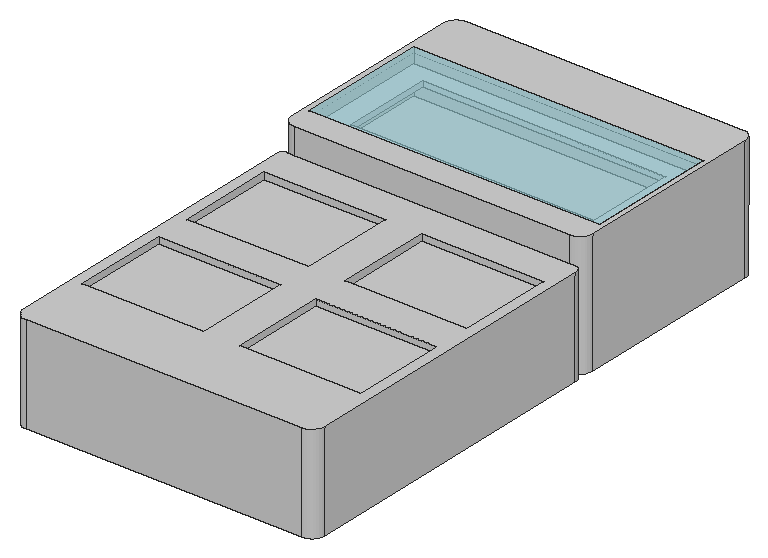
Revit family "Building-QuadriIEC309-GEWISS-68QDIN-QUADRI-PRESE-10MOD_4PRESE", category Apparecchi elettrici, host Superficie, Revit 2019
Family settings
  Host = Superficie
  Mantenere orientamento annotazione = Sì
  Quota connettore circolare = Usa diametro
  Tipo di parte = Normale
  Taglio con vuoti quando caricato = No
  Condiviso = No
  Punto di calcolo locali = Sì
Parameters (values of type "GW68003N - Q-DIN 10M 4FLANGE PR.16/32A IP65")
  visibilita posizionamento 2d [instance] = yes
  simbolo 2d [instance] = yes
  oggetto in pianta [instance] = not(visibilita posizionamento 2d)  # no
  distanza_simbolo [instance] = 0.1 mm
  bordo acceso [instance] = yes
  Visibilità sportello [instance] = yes
  Versione file RFA = "21.5"
  VETRO = Vetro
  URL = "https://www.gewiss.com/it/it"
  Tipologia di installazione = "Da parete"
  Tipo versione = "Vuoto"
  Termopressione con biglia = "70 °C"
  Temperatura di utilizzo = "-25 +40 °C"
  Spostamento_effettivo_S [instance] = 4000 mm - Spostamento_S  # 3000 mm
  Spostamento_S = 1000 mm
  Simbolo_quadro [instance] = not(simbolo 2d)  # no
  Scheda Tecnica = "https://www.gewiss.com/it/it/search?q=GW68003N"
  STRUTTURA ALTA = Poche
  STRUTTURA = RAL - 7035
  SEO = "Quadretto"
  Resistenza agli urti = "IK08"
  Default Elevation = 1219.2 mm
  Produttore = "GEWISS S.p.A."
  Potenza dissipabile B (W) = "42"
  Potenza dissipabile A (W) = "16"
  PRESA = rosso
  POMELLO = bianco
  N_Moduli = 10 mm
  N. prese alloggiabili = "2 IEC 16 A + 2 IEC 16/32 A"
  N. mod. EN 50022 = "10"
  N. coperchi ciechi in dotazione = "1 IEC 309 16 A +1 16/32 A"
  Modello = "GW68003N"
  L_Moduli = N_Moduli * 19  # 190 mm
  Immagine tipo = GW68003N.jpg
  IDT = "5c934acf-8a0f-4a84-b3af-3ec691fdcb62"
  IDF = "201a4aed-53d6-42a7-aa38-4b2429c19433"
  Grado di protezione = "IP65"
  Glow Wire Test = "650°C"
  Descrizione = "Q-DIN 10M 4FLANGE PR.16/32A IP65"
  Creato da GEWISS S.p.A. = ""
  ConformitÃ  normativa = "EN 60208 - EN 60670-1 - IEC 60670-24"
  Colore = "Grigio RAL 7035"
  Codice Electrocod = "2242"
  Codice EAN = "8011564744745"
  Classe isolamento = "II"
  Catalogo Serie = "68 QDIN"
  Catalogo = "BUILDING"
  COBie.Tagnumber = ""
  COBie.CreatedOn = ""
  COBie.CreatebBy = ""
  COBie.ComponentRegisterItemID = ""
  COBie.Component.TagNumber = ""
  COBie.Component.Space = ""
  COBie.Component.SerialNumber = ""
  COBie.Component.InstallationDate = ""
  COBie.Component.Description = ""
  COBie.Component.BarCode = ""
Reference planes
  plane 1 "Centro (Fronte/Retro)": y = 0
  plane 2: z = 0
  plane 3 "Centro (Sinistra/Destra)": x = 0
  plane 4: x = -3000
  plane 5: x = 0
Forms (mm)
  Extrusion 1, solid, material "RAL - 7035" <- "STRUTTURA", detail levels coarse
    sketch origin (0, 0, 0) x (0, 1, 0) y (0, 0, 1)
      loop
        line (0, 96) -> (0, 0) -> (429, 0) -> (429, 96) -> (0, 96)
    from -117.5 to 117.5
Lines and regions (mm)
  Masking region 1, visible <- "visibilita posizionamento 2d"
    outline origin (0, 0, 0) x (1, 0, 0) y (0, 0, 1)
      loop
        line (-117.5, 0) -> (117.5, 0) -> (117.5, 96) -> (-117.5, 96) -> (-117.5, 0)
Dimensions and locks
  plane 4 to plane 3 "Centro (Sinistra/Destra)" = 3000 mm
  "Spostamento_effettivo_S": plane 4 to plane 5
  aligned and locked: plane 2 to host face
  aligned and locked: level to host face
  aligned and locked: nested 1 to plane 5
  aligned and locked: nested 3 to plane 5
  aligned and locked: Extrusion 1 sketch curve to nested 2
  aligned and locked: nested 2 to plane 5
  aligned and locked: Extrusion 1 to nested 2  (x2)
Automatic sketch dimensions
  host sketch curve to host sketch curve = 2438.4 mm  (x2)
  Extrusion 1 sketch curve to level = 0 mm
  Extrusion 1 sketch curve to plane 1 "Centro (Fronte/Retro)" = 0 mm
  Extrusion 1 sketch curve to plane 1 "Centro (Fronte/Retro)" = 429 mm
  Masking region 1 sketch curve to level = 0 mm
  Masking region 1 sketch curve to plane 3 "Centro (Sinistra/Destra)" = 117.5 mm
  plane 3 "Centro (Sinistra/Destra)" to Masking region 1 sketch curve = 117.5 mm
  Masking region 1 sketch curve to Masking region 1 sketch curve = 96 mm
Nested families
  nested 1: "CENTRALINO" at (0, 737.795, 0), BORDO ACCESO <- "bordo acceso", SIMBOLO ACCESO <- "simbolo 2d", Distanza dal muro <- "distanza_simbolo", visible <- "simbolo 2d", type "CENTRALINO"
    with SIMBOLO ACCESO yes, Distanza dal muro 0.1 mm, BORDO ACCESO yes
  nested 2: "base____68QDIN10 QUADRO DISTRIBUZ X 4 PRESE IND" at (0, 266, 0), Visibilita sportello <- "Visibilità sportello", type "base____68QDIN10 QUADRO DISTRIBUZ X 4 PRESE IND", detail levels medium+fine
  nested 3: "simb_CENTRALINO_BASE_cad pro" at (0, 737.795, 0), Distanza dal muro <- "distanza_simbolo", visible <- "Simbolo_quadro", SIMBOLO ACCESO <- "Simbolo_quadro", type "simb_CENTRALINO_BASE_cad pro"
    with SIMBOLO ACCESO no, Distanza dal muro 0.1 mm, BORDO ACCESO yes
Definition of nested family "base____68QDIN10 QUADRO DISTRIBUZ X 4 PRESE IND"
  Parameters (values of type "base____68QDIN10 QUADRO DISTRIBUZ X 4 PRESE IND")
    n_moduli = 105 mm
    h_moduli = 70 mm
    Visibilita sportello [instance] = yes
    Vetro = none
    Struttura = none
    Spessore = 96 mm
    Default Elevation = 14 mm
    Presa = none
    Larghezza = 235 mm
    IFC.TypeObject = ""
    IFC.ExportType = ""
    IFC.ExportAs = ""
    H_da terra = 589.057 mm
    COBie.CreatedOn = ""
    COBie.CreatebBy = ""
    COBie.ComponentRegisterItemID = ""
    COBie.Component.TagNumber = ""
    COBie.Component.Space = ""
    COBie.Component.SerialNumber = ""
    COBie.Component.InstallationDate = ""
    COBie.Component.Description = ""
    COBie.Component.BarCode = ""
    Altezza scatole = 350 mm
    Altezza quadro = 150 mm
    Altezza = 258 mm
  Reference planes
    plane 1 "Centro (Fronte/Retro)": y = 0
    plane 2: z = 0
    plane 3 "Centro (Sinistra/Destra)": x = 0
    plane 4: z = 62.089
    plane 5: z = 103.126
    plane 6: z = 76.196
    plane 7: x = -117.5
    plane 8: x = 117.5
    plane 9: x = -113.5
    plane 10: x = 113.5
    plane 11: y = 123.21
    plane 12: y = 21.246
    plane 13: y = 0
    plane 14: y = -242.621
    plane 15: y = -28
    plane 16: y = -262
    plane 17: y = 168
    plane 18: z = 71.196
    plane 19: y = 109
    plane 20: y = 39
    plane 21: x = -52.5
    plane 22: x = 52.5
    plane 23: z = 92.059
    plane 24: z = 96
    plane 25 "posizionamento moduli": z = 84.734
    plane 26: z = 80.558
    plane 27: y = 74
    plane 28: x = -109.15
    plane 29: x = 109.15
    plane 30: x = -14
    plane 31 "14": x = 14
    plane 32: y = -103
    plane 33: y = -131
    plane 34: y = -206
  Forms (mm)
    Extrusion 1, solid, material <- "Struttura"
      sketch origin (0, -857.311, 0) x (1, 0, 0) y (0, 1, 0)
        loop
          arc (-107.5, 1025.311) -> (-114.571, 1022.382) -> (-117.5, 1015.311) r 10
          line (-117.5, 1015.311) -> (-117.5, 867.311)
          arc (-117.5, 867.311) -> (-114.571, 860.24) -> (-107.5, 857.311) r 10
          line (-107.5, 857.311) -> (107.5, 857.311)
          arc (107.5, 857.311) -> (114.571, 860.24) -> (117.5, 867.311) r 10
          line (117.5, 867.311) -> (117.5, 1015.311)
          arc (117.5, 1015.311) -> (114.571, 1022.382) -> (107.5, 1025.311) r 10
          line (107.5, 1025.311) -> (-107.5, 1025.311)
      from 0 to 96
    Extrusion 2, solid, material <- "Struttura"
      sketch origin (0, -857.311, 0) x (1, 0, 0) y (0, 1, 0)
        loop
          line (109.95, 857.311) -> (-113.88, 857.311)
          arc (-113.88, 857.311) -> (-116.44, 856.251) -> (-117.5, 853.691) r 3.62
          line (-117.5, 853.691) -> (-117.5, 605.311)
          arc (-117.5, 605.311) -> (-114.571, 598.24) -> (-107.5, 595.311) r 10
          line (-107.5, 595.311) -> (107.5, 595.311)
          arc (107.5, 595.311) -> (114.571, 598.24) -> (117.5, 605.311) r 10
          line (117.5, 605.311) -> (117.5, 849.76)
          arc (117.5, 849.76) -> (115.289, 855.099) -> (109.95, 857.311) r 7.55
      from 0 to 76.196
    Extrusion 3, void
      sketch origin (0, -857.311, 0) x (1, 0, 0) y (0, 1, 0)
        loop
          line (-113.5, 980.52) -> (-113.5, 878.557) -> (113.5, 878.557) -> (113.5, 980.52) -> (-113.5, 980.52)
      from 62.089 to 96
    Extrusion 4, solid, material <- "Vetro", visible <- "Visibilita sportello", detail levels fine
      sketch origin (0, -857.311, 0) x (1, 0, 0) y (0, 1, 0)
        loop
          line (-113.5, 980.52) -> (-113.5, 878.557) -> (113.5, 878.557) -> (113.5, 980.52) -> (-113.5, 980.52)
      from 92.059 to 96
    Extrusion 5, void
      sketch origin (0, -857.311, 0) x (1, 0, 0) y (0, 1, 0)
        loop
          line (-109.15, 829.311) -> (-109.15, 754.311) -> (-14, 754.311) -> (-14, 829.311) -> (-109.15, 829.311)
      from 71.196 to 76.196
    Extrusion 6, void
      sketch origin (0, 0, 0) x (1, 0, 0) y (0, 1, 0)
        loop
          line (-52.5, 39) -> (52.5, 39) -> (52.5, 109) -> (-52.5, 109) -> (-52.5, 39)
      from 80.558 to 84.734
    Extrusion 7, solid
      sketch origin (0, 0, 0) x (1, 0, 0) y (0, 1, 0)
        loop
          line (-113.5, 123.21) -> (-113.5, 21.246) -> (113.5, 21.246) -> (113.5, 123.21) -> (-113.5, 123.21)
      from 80.558 to 84.734
    Extrusion 8, void
      sketch origin (0, -857.311, 0) x (-1, 0, 0) y (0, -1, 0)
        loop
          line (-109.15, -829.311) -> (-14, -829.311) -> (-14, -754.311) -> (-109.15, -754.311) -> (-109.15, -829.311)
      from 71.196 to 76.196
    Extrusion 9, void
      sketch origin (0, 645.311, 0) x (1, 0, 0) y (0, 1, 0)
        loop
          line (-109.15, -851.311) -> (-14, -851.311) -> (-14, -776.311) -> (-109.15, -776.311) -> (-109.15, -851.311)
      from 71.196 to 76.196
    Extrusion 10, void
      sketch origin (0, 645.311, 0) x (-1, 0, 0) y (0, -1, 0)
        loop
          line (-109.15, 851.311) -> (-109.15, 776.311) -> (-14, 776.311) -> (-14, 851.311) -> (-109.15, 851.311)
      from 71.196 to 76.196
  Cuts and joins
    Extrusion 3 cuts Extrusion 1
    Extrusion 5, Extrusion 8, Extrusion 9, Extrusion 10 cuts Extrusion 2
    Extrusion 6 cuts Extrusion 7
    Extrusion 6 cuts Extrusion 4
  Lines and regions (mm)
    model lines
      curve 1: line (-52.5, 74, 84.734) -> (52.5, 74, 84.734)
  Dimensions and locks
    locked: plane 4 to plane 5 at 41.036
    locked: plane 7 to plane 9 at 4
    locked: plane 10 to plane 8 at 4
    equal spacing: plane 7, plane 3 "Centro (Sinistra/Destra)", plane 8
    "Larghezza": plane 7 to plane 8
    plane 13 to plane 15 = 28 mm
    plane 1 "Centro (Fronte/Retro)" to plane 17 = 168 mm
    plane 16 to plane 13 = 262 mm
    plane 12 to plane 1 "Centro (Fronte/Retro)" = 21.246 mm
    plane 11 to plane 17 = 44.79 mm
    locked: plane 6 to plane 18 at 5
    locked: plane 17 to plane 19 at 59
    "h_moduli": plane 19 to plane 20
    equal spacing: plane 21, plane 3 "Centro (Sinistra/Destra)", plane 22
    "n_moduli": plane 21 to plane 22
    locked: plane 24 to plane 23 at 3.941
    plane 6 to plane 2 = 76.196 mm
    locked: plane 23 to plane 25 "posizionamento moduli" at 7.325
    locked: plane 25 "posizionamento moduli" to plane 26 at 4.176
    equal spacing: plane 19, plane 27, plane 20
    plane 15 to plane 32 = 75 mm
    locked: plane 7 to plane 28 at 8.35
    locked: plane 29 to plane 8 at 8.35
    locked: plane 30 to plane 3 "Centro (Sinistra/Destra)" at 14
    locked: plane 3 "Centro (Sinistra/Destra)" to plane 31 "14" at 14
    plane 33 to plane 32 = 28 mm
    plane 34 to plane 33 = 75 mm
    plane 28 to plane 30 = 95.15 mm
    radius of Extrusion 2 sketch curve = 10 mm  (x2)
    radius of Extrusion 2 sketch curve = 3.62 mm
    radius of Extrusion 2 sketch curve = 7.55 mm
    radius of Extrusion 1 sketch curve = 10 mm  (x4)
    aligned and locked: level to plane 2
    aligned and locked: cut or joined group of Extrusion 1, Extrusion 3 to plane 4  (x2)
    aligned and locked: Extrusion 2 to plane 6
    aligned and locked: plane 7 to Extrusion 2 sketch curve
    aligned and locked: plane 8 to Extrusion 2 sketch curve
    aligned and locked: plane 8 to Extrusion 1 sketch curve
    aligned and locked: plane 7 to Extrusion 1 sketch curve
    aligned and locked: Extrusion 4 sketch curve to plane 9
    aligned and locked: Extrusion 4 sketch curve to plane 10
    aligned and locked: Extrusion 3 sketch curve to plane 9
    aligned and locked: Extrusion 3 sketch curve to plane 10
    aligned and locked: Extrusion 4 sketch curve to plane 11
    aligned and locked: plane 12 to Extrusion 4 sketch curve
    aligned and locked: Extrusion 3 sketch curve to plane 11
    aligned and locked: plane 12 to Extrusion 3 sketch curve
    aligned and locked: plane 13 to Extrusion 1 sketch curve
    aligned and locked: Extrusion 2 sketch curve to plane 13
    aligned and locked: plane 16 to Extrusion 2 sketch curve
    aligned and locked: plane 15 to Extrusion 5
    aligned and locked: plane 1 "Centro (Fronte/Retro)" to plane 13
    aligned and locked: plane 17 to Extrusion 1 sketch curve
    aligned and locked: Extrusion 5 to plane 18
    aligned and locked: Extrusion 5 to plane 6
    aligned and locked: Extrusion 6 sketch curve to plane 21
    aligned and locked: Extrusion 6 sketch curve to plane 19
    aligned and locked: Extrusion 6 sketch curve to plane 20
    aligned and locked: Extrusion 6 sketch curve to plane 22
    aligned and locked: plane 24 to cut or joined group of Extrusion 1, Extrusion 3
    aligned and locked: plane 25 "posizionamento moduli" to Extrusion 6
    aligned and locked: Extrusion 6 to plane 26
    aligned and locked: Extrusion 7 sketch curve to plane 11
    aligned and locked: Extrusion 7 sketch curve to plane 12
    aligned and locked: Extrusion 7 to plane 26
    aligned and locked: plane 25 "posizionamento moduli" to Extrusion 7
    aligned and locked: Extrusion 7 sketch curve to Extrusion 4  (x2)
    aligned and locked: plane 27 to curve 1
    aligned and locked: Extrusion 5 sketch curve to plane 28
    aligned and locked: Extrusion 5 sketch curve to plane 30
    aligned and locked: Extrusion 8 sketch curve to plane 29
    aligned and locked: Extrusion 8 sketch curve to plane 31 "14"
    aligned and locked: plane 15 to Extrusion 8 sketch curve
    aligned and locked: plane 32 to Extrusion 8 sketch curve
    aligned and locked: Extrusion 5 sketch curve to plane 32
    aligned and locked: plane 33 to Extrusion 9 sketch curve
    aligned and locked: Extrusion 10 sketch curve to plane 33
    aligned and locked: plane 34 to Extrusion 9 sketch curve
    aligned and locked: Extrusion 10 sketch curve to plane 34
  Automatic sketch dimensions
    Extrusion 5 sketch curve to plane 15 = 0 mm
    curve 1 to plane 21 = 0 mm
    curve 1 to plane 22 = 0 mm
    Extrusion 9 sketch curve to plane 28 = 0 mm
    Extrusion 9 sketch curve to plane 30 = 0 mm
    Extrusion 10 sketch curve to plane 29 = 0 mm
    Extrusion 10 sketch curve to plane 31 "14" = 0 mm
Definition of nested family "CENTRALINO"
  Parameters (values of type "CENTRALINO")
    SIMBOLO ACCESO [instance] = yes
    Distanza dal muro [instance] = 0 mm
    BORDO ACCESO [instance] = yes
  Reference planes
    plane 1: y = 0
    plane 2: x = 0
  Dimensions and locks
    "Distanza dal muro": plane 1 to nested 1
    aligned and locked: plane 2 to nested 1
  Nested families
    nested 1: "CENTRALINO_BASE" at (0, 0, 0), BORDO ACCESO <- "BORDO ACCESO", visible <- "SIMBOLO ACCESO", type "CENTRALINO"
      with BORDO ACCESO yes
  Definition of nested family "CENTRALINO_BASE"
    Parameters (values of type "CENTRALINO")
      Distanza dal muro = 0 mm
      BORDO ACCESO [instance] = yes
    Reference planes
      plane 1: y = 0
      plane 2: x = 0
    Lines and regions (mm)
      detail lines, visible <- "BORDO ACCESO", not visible
        curve 1: line (-2.443, 10.208, 0) -> (2.057, 10.208, 0)
        curve 2: line (2.057, 10.208, 0) -> (2.057, 4.208, 0)
        curve 3: line (2.057, 4.208, 0) -> (-2.443, 4.208, 0)
        curve 4: line (-2.443, 4.208, 0) -> (-2.443, 10.208, 0)
        curve 5: line (-2.043, 9.808, 0) -> (1.657, 9.808, 0)
        curve 6: line (1.657, 9.808, 0) -> (1.657, 4.608, 0)
        curve 7: line (1.657, 4.608, 0) -> (-2.043, 4.608, 0)
        curve 8: line (-2.043, 4.608, 0) -> (-2.043, 9.808, 0)
      detail lines
        curve 9: line (0, 0.671, 0) -> (0, 0, 0)
        curve 10: line (0.659, 0.671, 0) -> (0.659, 1.33, 0)
        curve 11: line (0.659, 1.33, 0) -> (-0.659, 1.33, 0)
        curve 12: line (-0.659, 1.33, 0) -> (-0.659, 0.671, 0)
        curve 13: line (-0.659, 0.671, 0) -> (0.659, 0.671, 0)
        curve 14: line (0.497, 1.33, 0) -> (0.497, 2, 0)
        curve 15: line (0.167, 1.33, 0) -> (0.167, 2, 0)
        curve 16: line (-0.162, 1.33, 0) -> (-0.162, 2, 0)
        curve 17: line (-0.491, 1.33, 0) -> (-0.491, 2, 0)
Definition of nested family "simb_CENTRALINO_BASE_cad pro"
  Parameters (values of type "simb_CENTRALINO_BASE_cad pro")
    SIMBOLO ACCESO [instance] = yes
    Distanza dal muro [instance] = 0 mm
    BORDO ACCESO [instance] = yes
  Reference planes
    plane 1: y = 0
    plane 2: x = 0
  Dimensions and locks
    "Distanza dal muro": plane 1 to nested 1
    aligned and locked: plane 2 to nested 1
  Nested families
    nested 1: "CENTRALINO_BASE_cad pro" at (0, 0, 0), type "CENTRALINO"
  Definition of nested family "CENTRALINO_BASE_cad pro"
    Parameters (values of type "CENTRALINO")
      Distanza dal muro = 0 mm
    Reference planes
      plane 1: y = 0
      plane 2: x = 0
    Lines and regions (mm)
      detail lines
        curve 1: line (1.33, 1.33, 0) -> (2.109, 1.33, 0)
        curve 2: line (2.109, 1.33, 0) -> (2.109, 0, 0)
        curve 3: line (2.109, 0, 0) -> (1.33, 0, 0)
        curve 4: line (1.33, 0, 0) -> (-1.33, 1.33, 0)
        curve 5: line (-1.33, 1.33, 0) -> (1.33, 1.33, 0)
        curve 6: line (1.33, 1.33, 0) -> (1.33, 0, 0)
        curve 7: line (1.33, 0, 0) -> (-1.33, 0, 0)
        curve 8: line (-1.33, 0, 0) -> (-1.33, 1.33, 0)
        curve 9: line (1.461, 0.665, 0) -> (1.977, 0.665, 0)
        curve 10: line (1.719, 0.665, 0) -> (1.719, 1.01, 0)
        curve 11: arc (1.977, 0.406, 0) -> (1.719, 0.665, 0) -> (1.461, 0.406, 0) r 0.258
